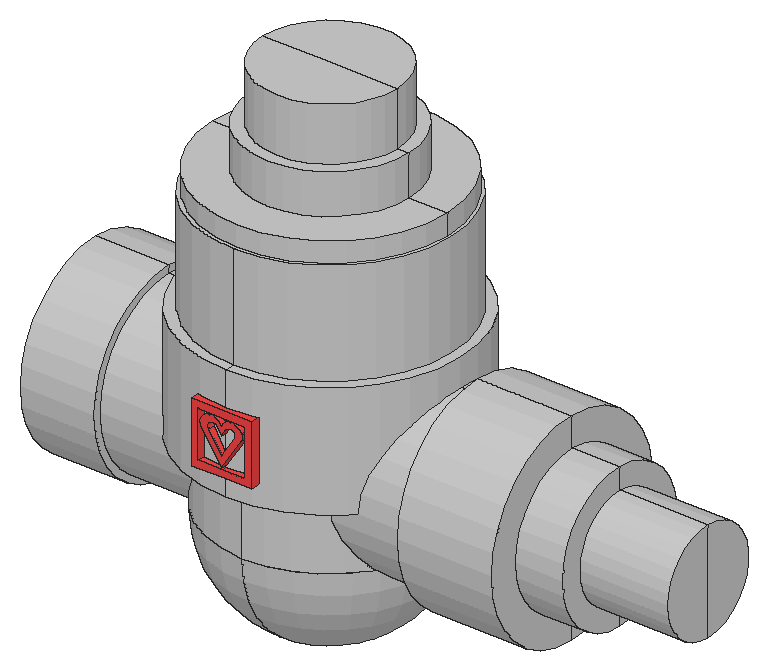
Revit family "Клапан для отключения радиатора с высокой пропускной способностью HERZ-RL-1-E, проходной 3723", category Rohrzubehör, Revit 2018
Family settings
  Bemaßung runder Anschluss = Durchmesser verwenden
  Teiletyp = Unterbricht
  OmniClass-Nummer = 23.65.55.14
  OmniClass-Titel = Valves for Liquid Services
  Arbeitsebenenbasiert = Nein
  Immer vertikal = Nein
  Beim Laden mit Abzugskörper schneiden = Nein
  Gemeinsam genutzt = Nein
Parameters
  Среда = "Качество воды в соответствии с ÖNORM H 5195 или директивой VDI 2035."
  Область применения = "Система водяного отопления. С помощью установки радиаторных запорных клапанов возможно осуществить перекрытие обратного потока нагревательных приборов. При одновременном перекрытии с клапаном на подающем трубопроводе возможен демонтаж радиатора в системе, которая находится под давлением."
  Номер заказа [instance] = size_lookup("3723_1E_", "Artnr", 0, Nennweite)  # 1372301
  Макс. рабочее давление = 1000000.0 Pa  # constant formula
  Макс. рабочая температура = 120 °C  # constant formula
  Корпус = "Никелированная латунь"  # constant formula
  Исполнение = "Стандартные модели с резьбовой муфтой в никелированном исполнении."
  URL = "www.herz-armaturen.ru"
  SCRNSEQ = "ARM;ARM_TYP=\"ALLF\";2"
  SCRNCODE = "05;01;02"  # constant formula
  S04 = 45.000 mm  # constant formula
  S03 = 61.000 mm  # constant formula
  S02 [instance] = L05 + L06 + L07  # 56.300 mm
  S01 = 10.000 mm  # constant formula
  R06 = 10.000 mm  # constant formula
  R05 = 11.750 mm  # constant formula
  R04 = 17.500 mm  # constant formula
  R03 = 16.500 mm  # constant formula
  R02 = 19.500 mm  # constant formula
  R01 = 18.000 mm  # constant formula
  Nennweite [instance] = 15.000 mm
  LO1 = 3.000 mm  # constant formula
  LO2 = 19.500 mm  # constant formula
  L07 [instance] = size_lookup("3723_1E_", "L7", 1.000 mm, Nennweite)  # 20.300 mm
  L06 [instance] = size_lookup("3723_1E_", "L6", 1.000 mm, Nennweite)  # 14.000 mm
  L05 [instance] = L02 - L04  # 22.000 mm
  L04 [instance] = size_lookup("3723_1E_", "L4", 1.000 mm, Nennweite)  # 11.000 mm
  L03 [instance] = size_lookup("3723_1E_", "L3", 1.000 mm, Nennweite)  # 11.000 mm
  L02 [instance] = size_lookup("3723_1E_", "L2", 1.000 mm, Nennweite)  # 33.000 mm
  L01 [instance] = size_lookup("3723_1E_", "L1", 1.000 mm, Nennweite)  # 35.000 mm
  Hersteller = "HERZ Armaturen Ges.m.b.H."  # constant formula
  H6 = 8.000 mm  # constant formula
  H07 = 14.000 mm  # constant formula
  H05 = 17.000 mm  # constant formula
  H04 [instance] = H02 - H03  # 17.000 mm
  H03 = 15.500 mm  # constant formula
  H02 [instance] = 32.500 mm  # constant formula
  H01 [instance] = 26.000 mm  # constant formula
  GTI [instance] = size_lookup("3723_1E_", "GT1", 1.000 mm, Nennweite)  # 13.200 mm
  GT [instance] = size_lookup("3723_1E_", "GT", 1.000 mm, Nennweite)  # 12.000 mm
  G2 [instance] = Nennweite / 2  # 7.500 mm
  G1 [instance] = Nennweite / 2  # 7.500 mm
  D05 [instance] = size_lookup("3723_1E_", "D5", 1.000 mm, Nennweite)  # 10.650 mm
  D04 [instance] = size_lookup("3723_1E_", "D4", 1.000 mm, Nennweite)  # 15.000 mm
  D03 [instance] = size_lookup("3723_1E_", "D3", 1.000 mm, Nennweite)  # 9.525 mm
  D02 [instance] = size_lookup("3723_1E_", "D2", 1.000 mm, Nennweite)  # 13.000 mm
  D01 [instance] = size_lookup("3723_1E_", "D1", 1.000 mm, Nennweite)  # 14.000 mm
Reference planes
  plane 1 "Mitte (Vorne/hinten)": y = 0
  plane 2: z = 0
  plane 3 "Mitte (Links/rechts)": x = 0
Forms (mm)
  Revolve 1, solid, material "Messing, weicher Gelbton, geschweißt", detail levels fine
    sketch origin (0, 0, 0) x (1, 0, 0) y (0, 0, 1)
      loop
        line (-23, 0) -> (33, 0) -> (33, 9.525) -> (22, 9.525) -> (22, 13) -> (-24, 13) -> (-24, 14) -> (-35, 14) -> (-35, 7.5) -> (-23, 7.5) -> (-23, 0)
      axis (-35, 0) -> (33, 0)
    angle from 0 to 360
  Revolve 2, solid, material "Messing, weicher Gelbton, geschweißt", detail levels fine
    sketch origin (0, 0, 0) x (0, 1, 0) y (0, 0, 1)
      loop
        line (0, 32.5) -> (-18, 32.5) -> (-18, 17) -> (-19.5, 17) -> (-19.5, 0) -> (-16.5, 0) -> (-16.5, -9.5)
        arc (-16.5, -9.5) -> (-11.667, -21.167) -> (0, -26) r 16.5
        line (0, -26) -> (0, 32.5)
      axis (0, -26) -> (0, 32.5)
    angle from 0 to 360
  Revolve 3, solid, material "Messing, weicher Gelbton, geschweißt", detail levels fine
    sketch origin (0, 0, 0) x (1, 0, 0) y (0, 0, 1)
      loop
        line (33, 0) -> (56.3, 0) -> (56.3, 7.5) -> (43.1, 7.5) -> (43.1, 10.65) -> (36, 10.65) -> (36, 15) -> (22, 15) -> (22, 9.525) -> (33, 9.525) -> (33, 0)
      axis (22, 0) -> (56.3, 0)
    angle from 0 to 360
  Revolve 4, solid, material "Messing, weicher Gelbton, geschweißt", detail levels medium+fine
    sketch origin (0, 0, 0) x (1, 0, 0) y (0, 0, 1)
      loop
        line (0, 32.5) -> (0, 49.5) -> (-10, 49.5) -> (-10, 41.5) -> (-11.75, 41.5) -> (-11.75, 35.5) -> (-17.5, 35.5) -> (-17.5, 32.5) -> (0, 32.5)
      axis (0, 49.5) -> (0, 32.5)
    angle from 0 to 360
Lines and regions (mm)
  model lines, detail levels coarse+medium
    curve 1: line (-35, 0, 14) -> (-35, 0, -14)
    curve 2: line (-35, 0, -14) -> (35, 0, 14)
    curve 3: line (35, 0, 14) -> (35, 0, -14)
    curve 4: line (35, 0, -14) -> (-35, 0, 14)
    curve 5: line (35, 0, 14) -> (45, 0, 14)
    curve 6: line (45, 0, 14) -> (35, 0, 0)
    curve 7: line (35, 0, -14) -> (45, 0, -14)
    curve 8: line (45, 0, -14) -> (35, 0, 0)
    curve 9: line (35, 0, 0) -> (56.3, 0, 0)
    curve 10: line (-35, 14, 0) -> (-35, -14, 0)
    curve 11: line (-35, -14, 0) -> (35, 14, 0)
    curve 12: line (35, 14, 0) -> (35, -14, 0)
    curve 13: line (35, -14, 0) -> (-35, 14, 0)
    curve 14: line (35, 14, 0) -> (45, 14, 0)
    curve 15: line (45, 14, 0) -> (35, 0, 0)
    curve 16: line (35, -14, 0) -> (45, -14, 0)
    curve 17: line (45, -14, 0) -> (35, 0, 0)
Dimensions and locks
  "L01": Revolve 1 sketch curve to plane 3 "Mitte (Links/rechts)"
  "L02": Revolve 1 sketch curve to plane 3 "Mitte (Links/rechts)"
  "G1": Revolve 1 sketch curve to plane 2
  "GT": Revolve 1 sketch curve to Revolve 1 sketch curve
  "D01": Revolve 1 sketch curve to Revolve 1 sketch curve
  "D02": Revolve 1 sketch curve to Revolve 1 sketch curve
  "D03": Revolve 1 sketch curve to Revolve 1 sketch curve
  "L03": Revolve 1 sketch curve to Revolve 1 sketch curve
  "L04": Revolve 1 sketch curve to Revolve 1 sketch curve
  "H02": Revolve 2 sketch curve to plane 2
  "D03": Revolve 3 sketch curve to plane 2
  "L04": Revolve 3 sketch curve to Revolve 3 sketch curve
  "L05": Revolve 3 sketch curve to plane 3 "Mitte (Links/rechts)"
  "L06": Revolve 3 sketch curve to Revolve 3 sketch curve
  "L07": Revolve 3 sketch curve to Revolve 3 sketch curve
  "D04": Revolve 3 sketch curve to Revolve 3 sketch curve
  "G2": Revolve 3 sketch curve to Revolve 3 sketch curve
  "D05": Revolve 3 sketch curve to Revolve 3 sketch curve
  "GTI": Revolve 3 sketch curve to Revolve 3 sketch curve
  "LO1": nested 1 to plane 2
  "D01": curve 4 to plane 2 to curve 2
  "D01": curve 3 to plane 2 to curve 4
  "L01": curve 1 to plane 3 "Mitte (Links/rechts)" to curve 3
  "S01": curve 3 to curve 6
  "S02": curve 9 to plane 3 "Mitte (Links/rechts)"
  "L01": curve 10 to plane 3 "Mitte (Links/rechts)" to curve 12
  "D01": curve 11 to plane 1 "Mitte (Vorne/hinten)" to curve 13
  "D01": curve 13 to plane 1 "Mitte (Vorne/hinten)" to curve 12
  "S01": curve 12 to curve 15
  "S01": curve 12 to curve 17
  "H03": Revolve 2 sketch curve to Revolve 2 sketch curve
  "R02": Revolve 2 sketch curve to Revolve 2 sketch curve
  "R01": Revolve 2 sketch curve to Revolve 2 sketch curve
  "H04": Revolve 2 sketch curve to Revolve 2 sketch curve
  "H01": plane 2 to Revolve 2 sketch curve
  "LO2": nested 1 to plane 1 "Mitte (Vorne/hinten)"
  "H05": Revolve 4 sketch curve to Revolve 2
  "H02": Revolve 4 sketch curve to plane 2
  "H6": Revolve 4 sketch curve to Revolve 4 sketch curve
  "H07": Revolve 4 sketch curve to Revolve 4 sketch curve
  "R06": Revolve 4 sketch curve to Revolve 4 sketch curve
  "R05": Revolve 4 sketch curve to Revolve 4 sketch curve
  "R04": Revolve 4 sketch curve to Revolve 4 sketch curve
  "R03": radius of Revolve 2 sketch curve
  aligned and locked: level to plane 2
Automatic sketch dimensions
  curve 9 to level = 0.000 mm
  curve 3 to curve 8 = 10.000 mm
  plane 1 "Mitte (Vorne/hinten)" to curve 17 = 0.000 mm
  Revolve 1 sketch curve to level = 0.000 mm  (x2)
  Revolve 1 sketch curve to Revolve 1 sketch curve = 1436.530 mm
  Revolve 1 sketch curve to Revolve 1 sketch curve = 1779.148 mm
  Revolve 2 sketch curve to plane 1 "Mitte (Vorne/hinten)" = 0.000 mm  (x2)
  Revolve 2 sketch curve to Revolve 2 sketch curve = 0.000 mm
  Revolve 2 sketch curve to Revolve 2 sketch curve = 1236.335 mm
  Revolve 3 sketch curve to level = 0.000 mm  (x2)
  Revolve 3 sketch curve to plane 3 "Mitte (Links/rechts)" = 1506.530 mm
  Revolve 3 sketch curve to Revolve 3 sketch curve = 1789.648 mm
  Revolve 4 sketch curve to plane 3 "Mitte (Links/rechts)" = 0.000 mm  (x2)
  Revolve 4 sketch curve to level = 366.045 mm
  Revolve 4 sketch curve to Revolve 4 sketch curve = 2164.815 mm
Nested families
  nested 1: "Herz-Logo-vorne" at (0, -19.5, 7.5) x (0, 1, 0) z (0, 0, 1), type "Herz-Logo-vorne", detail levels fine
Connectors
  piping at (-23, 0, 0), diameter 15, driven by "Nennweite"
    settings: on Revolve 1, index 1, connector inside diameter 609.6 mm, connector length 0.000 mm, flow factor 0, pipe flow 0.0 L/s, pressure drop 0.0 Pa, fitting loss kfactor 0, connector angle 0.00°, fixture units 0, engagement length 0.000 mm, angle of deflection 0.00°, flow configuration 0, flow direction 1, fitting loss method 0, system type 8, joint type 0, gender type 0, connector reference index -1, connector utility 0, adjustable connector no, is connector primary yes, connector description ""
  piping at (56.3, 0, 0), diameter 15, driven by "Nennweite"
    settings: on Revolve 3, index 2, connector inside diameter 609.6 mm, connector length 0.000 mm, flow factor 0, pipe flow 0.0 L/s, pressure drop 0.0 Pa, fitting loss kfactor 0, connector angle 0.00°, fixture units 0, engagement length 0.000 mm, angle of deflection 0.00°, flow configuration 0, flow direction 2, fitting loss method 0, system type 8, joint type 0, gender type 0, connector reference index -1, connector utility 0, adjustable connector no, is connector primary no, connector description ""
Definition of nested family "Herz-Logo-vorne"
  Reference planes
    plane 1 "Mitte (Vorne/hinten)": y = 0
    plane 2: z = 0
    plane 3 "Mitte (Links/rechts)": x = 0
  Forms (mm)
    Extrusion 1, solid
      sketch origin (0.732, -0.018, 0.017) x (0, -1, 0) y (0, 0, 1)
        loop
          line (-0.018, -4.517) -> (4.482, -4.517) -> (4.482, 4.483) -> (-4.518, 4.483) -> (-4.518, -4.517) -> (-0.018, -4.517)
        loop
          line (-0.05, -3.48) -> (3.482, -3.48) -> (3.482, 3.483) -> (-3.518, 3.483) -> (-3.518, -3.48) -> (-0.05, -3.48)
        loop
          arc (-0.018, 2.383) -> (-1.543, 3.287) -> (-3.067, 2.383) r 1.738
          arc (-3.067, 2.383) -> (-3.191, 1.899) -> (-3.067, 1.415) r 1.009
          line (-3.067, 1.415) -> (-0.018, -3.281) -> (3.032, 1.415)
          arc (3.032, 1.415) -> (3.156, 1.899) -> (3.032, 2.383) r 1.009
          arc (3.032, 2.383) -> (1.507, 3.287) -> (-0.018, 2.383) r 1.738
        loop
          arc (1.885, 1.272) -> (2.005, 1.675) -> (1.885, 2.079) r 0.74
          arc (1.885, 2.079) -> (1.265, 2.416) -> (0.644, 2.079) r 0.74
          line (0.644, 2.079) -> (-0.018, 0.97) -> (-0.679, 2.079)
          arc (-0.679, 2.079) -> (-1.3, 2.416) -> (-1.921, 2.079) r 0.74
          arc (-1.921, 2.079) -> (-2.04, 1.675) -> (-1.921, 1.272) r 0.74
          line (-1.921, 1.272) -> (-0.018, -1.658) -> (1.885, 1.272)
      from 0 to 1.5
  Dimensions and locks
    aligned and locked: level to plane 2
